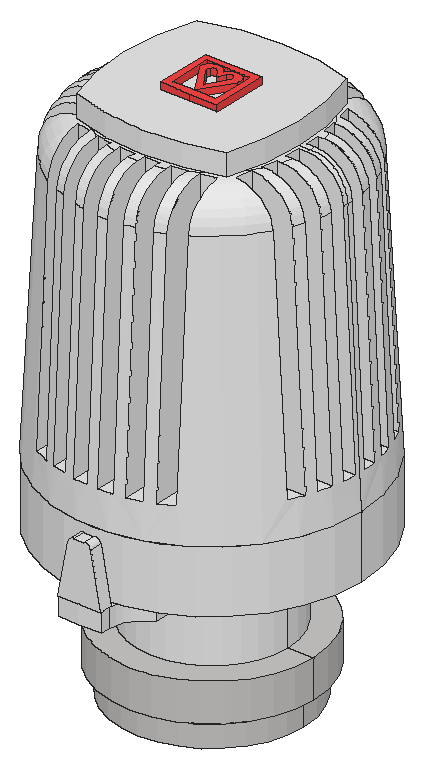
Revit family "HERZ-Classic-Thermostatic Sensor M28x1.5 7260", category Rohrzubehör, Revit 2021
Family settings
  Bemaßung runder Anschluss = Durchmesser verwenden
  Teiletyp = Normal
  OmniClass-Nummer = 23.65.55.14
  OmniClass-Titel = Valves for Liquid Services
  Arbeitsebenenbasiert = Nein
  Immer vertikal = Nein
  Beim Laden mit Abzugskörper schneiden = Nein
  Gemeinsam genutzt = Nein
Parameters
  Vorgabe-Ansicht = 0.000 mm
  Part number = 1726006  # constant formula
  Operation = "The HERZ-thermostat serves as probe and control element.\r\nThe valve spindle is moved when the volume of the liquid filling of the HERZ-hydrosensor changes."
  Model = "Radiator Thermostat With Hydrosensor (liquid filled)\r\nWith automatic frost protection and limitation and locking of set value range.\r\nWhite hand wheel."
  Frost protection = "6°C"  # constant formula
  W02 = 120.00°  # constant formula
  W01 = 135.00°  # constant formula
  URL = "www.herzvalves.com"
  Set value range = "6 - 28°C"  # constant formula
  S02 = 60.000 mm  # constant formula
  S01 = H02 + H07  # 79.500 mm
  R08 = 15.000 mm  # constant formula
  R07 = 6.000 mm  # constant formula
  R06 = 24.000 mm  # constant formula
  R05 = 16.350 mm  # constant formula
  R04 = 14.750 mm  # constant formula
  R03 = 13.200 mm  # constant formula
  R02 = 12.200 mm  # constant formula
  R01 = 22.400 mm  # constant formula
  Hersteller = "HERZ Armaturen Ges.m.b.H."  # constant formula
  Hand wheel = "plastic, white"  # constant formula
  H09 = 3.500 mm  # constant formula
  H08 = 10.000 mm  # constant formula
  H07 = 59.000 mm  # constant formula
  H06 = 3.500 mm  # constant formula
  H05 = 10.500 mm  # constant formula
  H04 = 11.700 mm  # constant formula
  H03 = 4.500 mm  # constant formula
  H02 = 20.500 mm  # constant formula
  H01 = 45.800 mm  # constant formula
  Application = "Can be combined with any HERZ-valve suitable for thermostatic operation."
Reference planes
  plane 1 "Mitte (Vorne/hinten)": y = 0
  plane 2: z = 0
  plane 3 "Mitte (Links/rechts)": x = 0
Forms (mm)
  Revolve 1, solid, material "Messing verzinkt", detail levels fine
    sketch origin (0, 0, 0) x (1, 0, 0) y (0, 0, 1)
      loop
        line (0, 4.5) -> (13.2, 4.5) -> (13.2, -3.563) -> (14.75, -3.563) -> (14.75, -0.063) -> (16.35, 0.861) -> (16.35, 6.937) -> (0, 6.937) -> (0, 4.5)
      axis (0, 6.937) -> (0, -3.563)
    angle from 0 to 360
  Revolve 2, solid, material "Kunststoff weiß", detail levels fine
    sketch origin (0, 0, 0) x (1, 0, 0) y (0, 0, 1)
      loop
        line (0, 20.5) -> (24, 20.5) -> (24, 30.5) -> (21.791, 73.806)
        arc (21.791, 73.806) -> (19.931, 77.849) -> (15.798, 79.5) r 6
        line (15.798, 79.5) -> (0, 79.5) -> (0, 20.5)
      axis (0, 79.5) -> (0, 20.5)
    angle from 0 to 360
  Extrusion 3, void
    sketch origin (0, 0, 0) x (1, 0, 0) y (0, 1, 0)
      loop
        line (24.458, 0.8) -> (24.458, 3.2) -> (14.361, 3.2)
        arc (14.361, 3.2) -> (14.446, 2.001) -> (14.491, 0.8) r 37
        line (14.491, 0.8) -> (24.458, 0.8)
      loop
        line (24.458, 4.8) -> (24.458, 7.2) -> (13.793, 7.2)
        arc (13.793, 7.2) -> (14.01, 6.003) -> (14.187, 4.8) r 37
        line (14.187, 4.8) -> (24.458, 4.8)
      loop
        line (24.458, 8.8) -> (24.458, 11.2) -> (12.764, 11.2)
        arc (12.764, 11.2) -> (13.121, 10.006) -> (13.438, 8.8) r 37
        line (13.438, 8.8) -> (24.458, 8.8)
      loop
        line (24.458, -0.8) -> (14.491, -0.8)
        arc (14.491, -0.8) -> (14.446, -2.001) -> (14.361, -3.2) r 37
        line (14.361, -3.2) -> (24.458, -3.2) -> (24.458, -0.8)
      loop
        line (24.458, -4.8) -> (14.187, -4.8)
        arc (14.187, -4.8) -> (14.01, -6.003) -> (13.793, -7.2) r 37
        line (13.793, -7.2) -> (24.458, -7.2) -> (24.458, -4.8)
      loop
        line (24.458, -8.8) -> (13.438, -8.8)
        arc (13.438, -8.8) -> (13.121, -10.006) -> (12.764, -11.2) r 37
        line (12.764, -11.2) -> (24.458, -11.2) -> (24.458, -8.8)
      loop
        line (-24.458, 0.8) -> (-14.491, 0.8)
        arc (-14.491, 0.8) -> (-14.446, 2.001) -> (-14.361, 3.2) r 37
        line (-14.361, 3.2) -> (-24.458, 3.2) -> (-24.458, 0.8)
      loop
        line (-24.458, 4.8) -> (-14.187, 4.8)
        arc (-14.187, 4.8) -> (-14.01, 6.003) -> (-13.793, 7.2) r 37
        line (-13.793, 7.2) -> (-24.458, 7.2) -> (-24.458, 4.8)
      loop
        line (-24.458, 8.8) -> (-13.438, 8.8)
        arc (-13.438, 8.8) -> (-13.121, 10.006) -> (-12.764, 11.2) r 37
        line (-12.764, 11.2) -> (-24.458, 11.2) -> (-24.458, 8.8)
      loop
        line (-24.458, -0.8) -> (-24.458, -3.2) -> (-14.361, -3.2)
        arc (-14.361, -3.2) -> (-14.446, -2.001) -> (-14.491, -0.8) r 37
        line (-14.491, -0.8) -> (-24.458, -0.8)
      loop
        line (-24.458, -4.8) -> (-24.458, -7.2) -> (-13.793, -7.2)
        arc (-13.793, -7.2) -> (-14.01, -6.003) -> (-14.187, -4.8) r 37
        line (-14.187, -4.8) -> (-24.458, -4.8)
      loop
        line (-24.458, -8.8) -> (-24.458, -11.2) -> (-12.764, -11.2)
        arc (-12.764, -11.2) -> (-13.121, -10.006) -> (-13.438, -8.8) r 37
        line (-13.438, -8.8) -> (-24.458, -8.8)
      loop
        line (0.8, 24.458) -> (0.8, 14.491)
        arc (0.8, 14.491) -> (2.001, 14.446) -> (3.2, 14.361) r 37
        line (3.2, 14.361) -> (3.2, 24.458) -> (0.8, 24.458)
      loop
        line (4.8, 24.458) -> (4.8, 14.187)
        arc (4.8, 14.187) -> (6.003, 14.01) -> (7.2, 13.793) r 37
        line (7.2, 13.793) -> (7.2, 24.458) -> (4.8, 24.458)
      loop
        line (8.8, 24.458) -> (8.8, 13.438)
        arc (8.8, 13.438) -> (10.006, 13.121) -> (11.2, 12.764) r 37
        line (11.2, 12.764) -> (11.2, 24.458) -> (8.8, 24.458)
      loop
        line (-0.8, 24.458) -> (-3.2, 24.458) -> (-3.2, 14.361)
        arc (-3.2, 14.361) -> (-2.001, 14.446) -> (-0.8, 14.491) r 37
        line (-0.8, 14.491) -> (-0.8, 24.458)
      loop
        line (-4.8, 24.458) -> (-7.2, 24.458) -> (-7.2, 13.793)
        arc (-7.2, 13.793) -> (-6.003, 14.01) -> (-4.8, 14.187) r 37
        line (-4.8, 14.187) -> (-4.8, 24.458)
      loop
        line (-8.8, 24.458) -> (-11.2, 24.458) -> (-11.2, 12.764)
        arc (-11.2, 12.764) -> (-10.006, 13.121) -> (-8.8, 13.438) r 37
        line (-8.8, 13.438) -> (-8.8, 24.458)
      loop
        line (0.8, -24.458) -> (3.2, -24.458) -> (3.2, -14.361)
        arc (3.2, -14.361) -> (2.001, -14.446) -> (0.8, -14.491) r 37
        line (0.8, -14.491) -> (0.8, -24.458)
      loop
        line (4.8, -24.458) -> (7.2, -24.458) -> (7.2, -13.793)
        arc (7.2, -13.793) -> (6.003, -14.01) -> (4.8, -14.187) r 37
        line (4.8, -14.187) -> (4.8, -24.458)
      loop
        line (8.8, -24.458) -> (11.2, -24.458) -> (11.2, -12.764)
        arc (11.2, -12.764) -> (10.006, -13.121) -> (8.8, -13.438) r 37
        line (8.8, -13.438) -> (8.8, -24.458)
      loop
        line (-0.8, -24.458) -> (-0.8, -14.491)
        arc (-0.8, -14.491) -> (-2.001, -14.446) -> (-3.2, -14.361) r 37
        line (-3.2, -14.361) -> (-3.2, -24.458) -> (-0.8, -24.458)
      loop
        line (-4.8, -24.458) -> (-4.8, -14.187)
        arc (-4.8, -14.187) -> (-6.003, -14.01) -> (-7.2, -13.793) r 37
        line (-7.2, -13.793) -> (-7.2, -24.458) -> (-4.8, -24.458)
      loop
        line (-8.8, -24.458) -> (-8.8, -13.438)
        arc (-8.8, -13.438) -> (-10.006, -13.121) -> (-11.2, -12.764) r 37
        line (-11.2, -12.764) -> (-11.2, -24.458) -> (-8.8, -24.458)
    from 36 to 81.5
  Extrusion 4, solid, material "Kunststoff weiß", detail levels fine
    sketch origin (0, 0, 0) x (1, 0, 0) y (0, 1, 0)
      loop
        arc (12, 12) -> (0, 14) -> (-12, 12) r 37
        arc (-12, 12) -> (-14, 0) -> (-12, -12) r 37
        arc (-12, -12) -> (0, -14) -> (12, -12) r 37
        arc (12, -12) -> (14, 0) -> (12, 12) r 37
    from 79.5 to 83
  Extrusion 5, solid, material "Kunststoff weiß", detail levels fine
    sketch origin (0.017, -0.017, 0) x (0, -1, 0) y (1, 0, 0)
      loop
        line (14.714, 6.983) -> (14.714, -7.017) -> (19.645, -7.017)
        arc (19.645, -7.017) -> (21.761, -4.508) -> (24.882, -3.488) r 6
        line (24.882, -3.488) -> (26.272, -3.488)
        arc (26.272, -3.488) -> (26.5, 0) -> (26.267, 3.488) r 26.5
        line (26.267, 3.488) -> (24.882, 3.488)
        arc (24.882, 3.488) -> (21.777, 4.497) -> (19.66, 6.983) r 6
        line (19.66, 6.983) -> (14.714, 6.983)
    from 17.5 to 20.5
  Extrusion 6, solid, material "Kunststoff weiß", detail levels fine
    sketch origin (0.017, -0.017, 3.5) x (1, 0, 0) y (0, 0, 1)
      loop
        arc (-0.8, 26.1) -> (-1.432, 25.875) -> (-1.779, 25.302) r 1
        line (-1.779, 25.302) -> (-3.488, 17) -> (3.488, 17) -> (1.779, 25.302)
        arc (1.779, 25.302) -> (1.432, 25.875) -> (0.8, 26.1) r 1
        line (0.8, 26.1) -> (-0.8, 26.1)
    from 26.5 to 24.5
  Revolve 7, solid, material "Kunststoff weiß", detail levels fine
    sketch origin (90.543, 0, 0) x (1, 0, 0) y (0, 0, 1)
      loop
        line (-90.543, 0) -> (-77.343, 0) -> (-77.343, 4.5) -> (-78.343, 4.5) -> (-78.343, 20.5) -> (-68.143, 20.5) -> (-68.143, 34.1) -> (-75.543, 34.1) -> (-75.543, 45.8) -> (-90.543, 45.8) -> (-90.543, 0)
      axis (-90.543, 45.8) -> (-90.543, 0)
    angle from 0 to 360
Cuts and joins
  Extrusion 3 cuts Revolve 2
Lines and regions (mm)
  model lines, detail levels coarse+medium
    curve 1: line (0, 0, 0) -> (0, 0, 19.5)
    curve 2: line (0, -0.017, 0) -> (0, 19.5, 0)
    curve 3: circle (0, 0, 49.5) r 30 normal (0, -1, 0)
    curve 4: circle (0, 0, 49.5) r 30 normal (1, 0, 0)
    curve 5: line (0, 0, 29.5) -> (0, 0, 69.5)
    curve 6: line (0, -17.5, 69.5) -> (0, 17.5, 69.5)
    curve 7: line (0, 0, 29.5) -> (0, 0, 69.5)
    curve 8: line (-17.5, 0, 69.5) -> (17.5, 0, 69.5)
    curve 9: circle (0, 49.5, 0) r 30 normal (0, 0, 1)
    curve 10: line (0, 29.5, 0) -> (0, 69.5, 0)
    curve 11: line (-17.5, 69.5, 0) -> (17.5, 69.5, 0)
Dimensions and locks
  "H05": Revolve 1 sketch curve to Revolve 1 sketch curve
  "H06": Revolve 1 sketch curve to Revolve 1 sketch curve
  "H03": Revolve 1 sketch curve to plane 2
  "R04": Revolve 1 sketch curve to plane 3 "Mitte (Links/rechts)"
  "R03": plane 3 "Mitte (Links/rechts)" to Revolve 1 sketch curve
  "R05": Revolve 1 sketch curve to plane 3 "Mitte (Links/rechts)"
  "H08": Revolve 2 sketch curve to Revolve 2 sketch curve
  "R06": Revolve 2 sketch curve to Revolve 2 sketch curve
  "H02": Revolve 2 sketch curve to plane 2
  "H02": Revolve 7 sketch curve to plane 2
  "H03": Revolve 7 sketch curve to Revolve 7 sketch curve
  "H01": Revolve 7 sketch curve to plane 2
  "H04": Revolve 7 sketch curve to Revolve 7 sketch curve
  "R03": Revolve 7 sketch curve to plane 3 "Mitte (Links/rechts)"
  "R02": plane 3 "Mitte (Links/rechts)" to Revolve 7 sketch curve
  "R01": plane 3 "Mitte (Links/rechts)" to Revolve 7 sketch curve
  "R08": plane 3 "Mitte (Links/rechts)" to Revolve 7 sketch curve
  "H07": Revolve 2 sketch curve to Revolve 2 sketch curve
  "S01": curve 4 to plane 2
  "S01": curve 3 to plane 2
  "S01": plane 1 "Mitte (Vorne/hinten)" to curve 9
  "R07": radius of Revolve 2 sketch curve
  "S02": diameter of curve 3
  "S02": diameter of curve 4
  "S02": diameter of curve 9
  "W02": angle Revolve 1 sketch curve to Revolve 1 sketch curve
  aligned and locked: level to plane 2
Automatic sketch dimensions
  plane 1 "Mitte (Vorne/hinten)" to Extrusion 4 sketch curve = 0.000 mm  (x2)
  Extrusion 4 sketch curve to plane 3 "Mitte (Links/rechts)" = 0.000 mm  (x2)
  Extrusion 4 sketch curve to plane 3 "Mitte (Links/rechts)" = 23.000 mm
  plane 3 "Mitte (Links/rechts)" to Extrusion 4 sketch curve = 23.000 mm
  plane 1 "Mitte (Vorne/hinten)" to Extrusion 4 sketch curve = 23.000 mm
  Extrusion 4 sketch curve to plane 1 "Mitte (Vorne/hinten)" = 23.000 mm
  Extrusion 4 sketch curve to plane 3 "Mitte (Links/rechts)" = 12.000 mm  (x2)
  plane 3 "Mitte (Links/rechts)" to Extrusion 4 sketch curve = 12.000 mm
  plane 1 "Mitte (Vorne/hinten)" to Extrusion 4 sketch curve = 12.000 mm
  Extrusion 3 sketch curve to Extrusion 3 sketch curve = 0.000 mm  (x58)
  plane 1 "Mitte (Vorne/hinten)" to Extrusion 3 sketch curve = 0.000 mm  (x2)
  Extrusion 3 sketch curve to plane 3 "Mitte (Links/rechts)" = 0.000 mm  (x2)
  Extrusion 3 sketch curve to plane 3 "Mitte (Links/rechts)" = 0.800 mm  (x2)
  Extrusion 3 sketch curve to Extrusion 3 sketch curve = 2.400 mm  (x12)
  Extrusion 3 sketch curve to Extrusion 3 sketch curve = 1.600 mm  (x16)
  Extrusion 3 sketch curve to Extrusion 3 sketch curve = 1.564 mm  (x8)
  Extrusion 3 sketch curve to Extrusion 3 sketch curve = 0.674 mm  (x5)
  Extrusion 3 sketch curve to Extrusion 3 sketch curve = 0.354 mm  (x8)
  Extrusion 3 sketch curve to Extrusion 3 sketch curve = 0.395 mm  (x4)
  Extrusion 3 sketch curve to Extrusion 3 sketch curve = 0.174 mm  (x8)
  plane 1 "Mitte (Vorne/hinten)" to Extrusion 3 sketch curve = 0.800 mm  (x2)
  Extrusion 3 sketch curve to Extrusion 3 sketch curve = 0.130 mm  (x2)
  Extrusion 3 sketch curve to plane 1 "Mitte (Vorne/hinten)" = 0.800 mm  (x2)
  Extrusion 3 sketch curve to Extrusion 3 sketch curve = 8.009 mm  (x3)
  Extrusion 3 sketch curve to Extrusion 3 sketch curve = 1.958 mm  (x7)
  plane 3 "Mitte (Links/rechts)" to Extrusion 3 sketch curve = 0.800 mm  (x2)
  Extrusion 3 sketch curve to Extrusion 3 sketch curve = 11.019 mm
  Extrusion 5 sketch curve to plane 3 "Mitte (Links/rechts)" = 0.000 mm
  plane 1 "Mitte (Vorne/hinten)" to Extrusion 5 sketch curve = 0.017 mm
  Extrusion 5 sketch curve to plane 3 "Mitte (Links/rechts)" = 7.000 mm
  plane 1 "Mitte (Vorne/hinten)" to Extrusion 5 sketch curve = 14.731 mm
  Extrusion 5 sketch curve to Extrusion 5 sketch curve = 4.930 mm
  Extrusion 5 sketch curve to Extrusion 5 sketch curve = 4.946 mm
  Extrusion 5 sketch curve to plane 3 "Mitte (Links/rechts)" = 3.471 mm
  Extrusion 5 sketch curve to Extrusion 5 sketch curve = 5.237 mm
  Extrusion 5 sketch curve to Extrusion 5 sketch curve = 5.222 mm
  Extrusion 5 sketch curve to Extrusion 5 sketch curve = 5.470 mm
  Extrusion 5 sketch curve to Extrusion 5 sketch curve = 0.233 mm
  Extrusion 5 sketch curve to Extrusion 5 sketch curve = 1.390 mm
  plane 3 "Mitte (Links/rechts)" to Extrusion 5 sketch curve = 3.505 mm
  Extrusion 5 sketch curve to Extrusion 5 sketch curve = 3.495 mm
  Extrusion 5 sketch curve to Extrusion 5 sketch curve = 0.000 mm
  Extrusion 6 sketch curve to plane 3 "Mitte (Links/rechts)" = 3.471 mm
  Extrusion 6 sketch curve to plane 3 "Mitte (Links/rechts)" = 1.763 mm
  Extrusion 6 sketch curve to plane 3 "Mitte (Links/rechts)" = 0.783 mm
  plane 3 "Mitte (Links/rechts)" to Extrusion 6 sketch curve = 0.817 mm
  Extrusion 6 sketch curve to Extrusion 6 sketch curve = 0.979 mm
  plane 3 "Mitte (Links/rechts)" to Extrusion 6 sketch curve = 3.505 mm
  level to Extrusion 6 sketch curve = 20.500 mm
  Extrusion 6 sketch curve to Extrusion 6 sketch curve = 8.100 mm
  Extrusion 6 sketch curve to Extrusion 6 sketch curve = 0.000 mm
  Extrusion 6 sketch curve to Extrusion 6 sketch curve = 0.202 mm
  curve 5 to plane 1 "Mitte (Vorne/hinten)" = 0.000 mm
  curve 4 to plane 1 "Mitte (Vorne/hinten)" = 0.000 mm
  plane 1 "Mitte (Vorne/hinten)" to curve 6 = 17.500 mm
  curve 5 to curve 6 = 17.500 mm
  curve 5 to curve 4 = 20.000 mm
  curve 4 to curve 6 = 20.000 mm
  curve 3 to plane 3 "Mitte (Links/rechts)" = 0.000 mm
  curve 7 to plane 3 "Mitte (Links/rechts)" = 0.000 mm
  curve 1 to plane 3 "Mitte (Links/rechts)" = 0.000 mm
  curve 1 to level = 0.000 mm
  curve 8 to curve 7 = 17.500 mm
  plane 3 "Mitte (Links/rechts)" to curve 8 = 17.500 mm
  curve 1 to curve 7 = 10.000 mm
  curve 3 to curve 8 = 20.000 mm
  curve 9 to plane 3 "Mitte (Links/rechts)" = 0.000 mm
  curve 10 to plane 3 "Mitte (Links/rechts)" = 0.000 mm
  curve 2 to plane 3 "Mitte (Links/rechts)" = 0.000 mm
  curve 11 to curve 10 = 17.500 mm
  plane 3 "Mitte (Links/rechts)" to curve 11 = 17.500 mm
  plane 1 "Mitte (Vorne/hinten)" to curve 2 = 0.017 mm
  curve 2 to curve 10 = 10.000 mm
  curve 9 to curve 11 = 20.000 mm
  Revolve 1 sketch curve to plane 3 "Mitte (Links/rechts)" = 0.000 mm  (x2)
  level to Revolve 1 sketch curve = 0.861 mm
  Revolve 1 sketch curve to Revolve 1 sketch curve = 362.982 mm
  Revolve 1 sketch curve to Revolve 1 sketch curve = 2206.878 mm
  Revolve 2 sketch curve to plane 3 "Mitte (Links/rechts)" = 0.000 mm  (x2)
  plane 3 "Mitte (Links/rechts)" to Revolve 2 sketch curve = 15.798 mm
  Revolve 2 sketch curve to Revolve 2 sketch curve = 5.992 mm
  Revolve 2 sketch curve to level = 366.045 mm
  Revolve 2 sketch curve to Revolve 2 sketch curve = 2138.315 mm
  Revolve 7 sketch curve to level = 0.000 mm  (x2)
  Revolve 7 sketch curve to plane 3 "Mitte (Links/rechts)" = 0.000 mm  (x2)
  Revolve 7 sketch curve to Revolve 7 sketch curve = 0.000 mm
Nested families
  nested 1: "Herz-Logo" at (0, 0, 82.5), type "Herz-Logo", detail levels fine
Definition of nested family "Herz-Logo"
  Parameters (values of type "Herz-Logo")
    Default Elevation = 0.000 mm
  Reference planes
    plane 1 "Mitte (Vorne/hinten)": y = 0
    plane 2: z = 0
    plane 3 "Mitte (Links/rechts)": x = 0
  Forms (mm)
    Extrusion 1, solid
      sketch origin (0, 0, 0) x (1, 0, 0) y (0, 1, 0)
        loop
          line (-0.018, -4.517) -> (4.482, -4.517) -> (4.482, 4.483) -> (-4.518, 4.483) -> (-4.518, -4.517) -> (-0.018, -4.517)
        loop
          line (-0.05, -3.48) -> (3.482, -3.48) -> (3.482, 3.483) -> (-3.518, 3.483) -> (-3.518, -3.48) -> (-0.05, -3.48)
        loop
          arc (-0.018, 2.383) -> (-1.543, 3.287) -> (-3.067, 2.383) r 1.738
          arc (-3.067, 2.383) -> (-3.191, 1.899) -> (-3.067, 1.415) r 1.009
          line (-3.067, 1.415) -> (-0.018, -3.281) -> (3.032, 1.415)
          arc (3.032, 1.415) -> (3.156, 1.899) -> (3.032, 2.383) r 1.009
          arc (3.032, 2.383) -> (1.507, 3.287) -> (-0.018, 2.383) r 1.738
        loop
          arc (1.885, 1.272) -> (2.005, 1.675) -> (1.885, 2.079) r 0.74
          arc (1.885, 2.079) -> (1.265, 2.416) -> (0.644, 2.079) r 0.74
          line (0.644, 2.079) -> (-0.018, 0.97) -> (-0.679, 2.079)
          arc (-0.679, 2.079) -> (-1.3, 2.416) -> (-1.921, 2.079) r 0.74
          arc (-1.921, 2.079) -> (-2.04, 1.675) -> (-1.921, 1.272) r 0.74
          line (-1.921, 1.272) -> (-0.018, -1.658) -> (1.885, 1.272)
      from 0 to 1.5
  Dimensions and locks
    aligned and locked: level to plane 2
